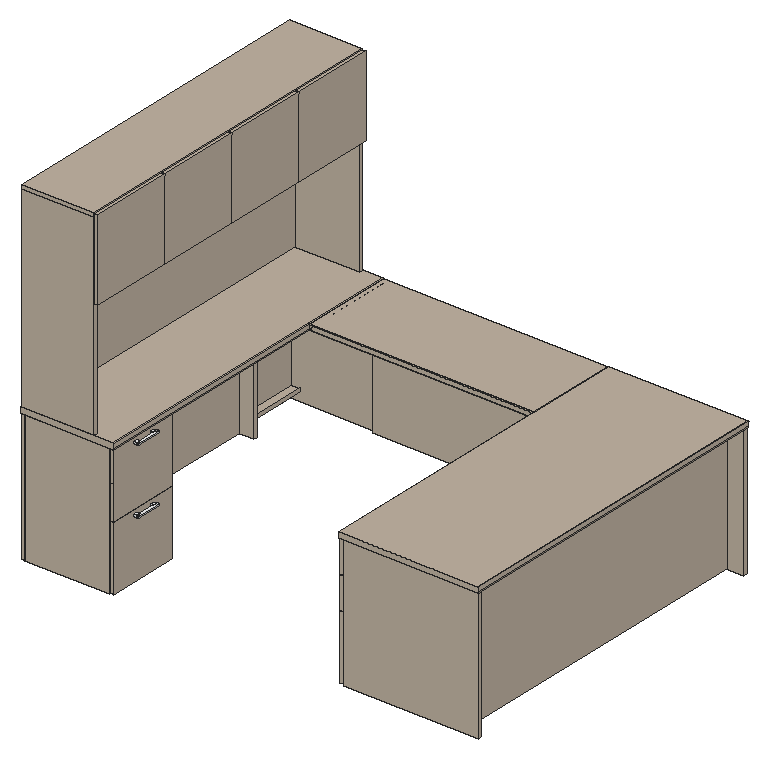
Revit family "JSI-Vision-Typical_Laminate-VST014", category Furniture, Revit 2020
Family settings
  OmniClass Number = 23.40.20.00
  OmniClass Title = General Furniture and Specialties
  Work Plane-Based = No
  Always vertical = Yes
  Cut with Voids When Loaded = No
  Shared = No
  Room Calculation Point = No
Parameters (values of type "VST014")
  URL = "www.jsifurniture.com"
  Type Comments = "Typical Laminate"  # constant formula
  Model = "VST014"
  Manufacturer = "JSI"  # constant formula
  Keynote = "12500"
  Default Elevation = 0.000"
  Assembly Code = "E2020200"
Reference planes (in)
  plane 1 "Center Front/Back": y = 0
  plane 2: z = 0
  plane 3 "Center Left/Right": x = 0
Dimensions and locks (in)
  aligned and locked: level to plane 2
Nested families (in)
  nested 1: "JSI-Vision-File_File_Credenza" at (10.75, -35.93587, 0) x (0, 1, 0) z (0, 0, 1), type "VST2072LC - Laminate 20 x 72 FF Ped Credenza Left"
    with Width 72.000", Height 29.187", Panel B 56.250"
  nested 2: "JSI-Vision-Overhead_Cabinets" at (0, -72, -0.8125) x (0, 1, 0) z (0, 0, 1), type "VST1672SO, Laminate OH Cab. 16" x 72", 4 Doors"
    with Verticall Partition Distance 35.750", Unit Centre 36.000", Width 72.000", Door Width Actual 17.78125", Door Array Spacing 17.90625", Door Width 17.78125", # of Doors 4
  nested 3: "JSI-Vision-Bridge_Modesty_Panel" at (20, 0, 0), type "VST2048EB, Bridge w/Modesty Panel 20"d x 48"w"
  nested 4: "JSI-Vision-Single_Pedestal_Desk-Recessed_Modesty" at (87.25, -36.06413, 0) x (0, -1, 0) z (0, 0, 1), type "VST3072RDF, Laminate 30 x 72 Right Ped Desk, Recess Modesty"
    with Width 72.000", Panel BBF 56.250", LR no, Grommet angle 270.00°, Grommet 56.61719", BBF 56.250"
Definition of nested family "JSI-Vision-File_File_Credenza"
  Parameters (values of type "Type Catalog")
    Worksurface = none
    Width = 60.000"
    URL = "www.jsifurniture.com"
    Type Comments = ""
    Tag = "FF"  # constant formula
    Series = "Vision Casegoods"  # constant formula
    Pull Finish = none
    Panel R = if(LR, Depth - 0.250", Depth - 0.9375")  # 19.750"
    Panel L = if(LR, Depth - 0.9375", Depth - 0.250")  # 19.0625"
    Panel FF = if(LR, 15.000", Width - 15.750")  # 15.000"
    Model = "Type Catalog"
    Material = ""
    Manufacturer = "JSI"  # constant formula
    LR = yes
    Keynote = "12500"
    JSI Enviromental Website = "http://www.jsifurniture.com/jsi_sustainability_intro.php"
    Height = 29.1875"
    Grommet angle = if(LR, 90.00°, 270.00°)  # 90.00°
    Grommet Finish = none
    Panel B = if(LR, Width - 15.750", 15.000")  # 44.250"
    Grommet = if(LR, 14.500", Width - 15.38281")  # 14.500"
    Drawer Front = none
    Description = "Type Catalog"
    Depth chassis = Depth  # 20.000"
    Depth = 20.000"
    Default Elevation = 0.000"
    Chassis = none
    FF = if(LR, 0.1875", Width - 15.750" + 0.0625")  # 0.1875"
    Assembly Code = "E2020200"
  Reference planes (in)
    plane 1: z = 0
    plane 2 "Center (Left/Right)": x = -36.06413
    plane 3: z = 29.1875
    plane 4: z = 28
    plane 5: y = -9.25
    plane 6 "Center (Front/Back)": y = 10.75
    plane 7: y = 10.625
    plane 8: y = 10.75
    plane 9: x = -6.06413
    plane 10: x = 23.93587
    plane 11: y = 10.56003
    plane 12: x = -20.31413
    plane 13: x = 8.18587
    plane 14: y = -8.37
    plane 15: x = 15.93587
    plane 16: x = -28.12663
    plane 17: x = 23.81086
    plane 18: x = -35.93913
    plane 19: y = 8.875
    plane 20: y = 4.875
    plane 21: y = 9.8125
    plane 22: y = -8.31113
    plane 23: x = 8.18587
    plane 24: x = -35.87663
    plane 25: x = -20.37636
    plane 26: x = 23.68487
    plane 27: x = -21.56413
    plane 28: y = 6.875
    plane 29: y = -9
    plane 30: y = -8.3125
  Forms (in)
    Extrusion 1, solid, material <- "Worksurface"
      sketch origin (0, 0, -0.8125) x (1, 0, 0) y (0, 1, 0)
        loop
          line (-36.06413, -9.125) -> (23.93587, -9.125) -> (23.93587, 10.625) -> (-36.06413, 10.625) -> (-36.06413, -9.125)
      from 28.8125 to 30
    Extrusion 2, solid, material <- "Drawer Front"
      sketch origin (-0.00163, 0.13, 0) x (1, 0, 0) y (0, 0, 1)
        loop
          line (-35.875, 27.875) -> (-35.875, 21.26593) -> (-35.875, 14.062) -> (-20.37473, 14.062) -> (-20.37473, 21.26593) -> (-20.37473, 27.875) -> (-35.875, 27.875)
        loop
          line (-35.875, 13.937) -> (-35.875, 0.14) -> (-20.37473, 0.14) -> (-20.37473, 13.937) -> (-35.875, 13.937)
      from 8.5 to 9.25
    Extrusion 3, solid, material <- "Chassis"
      sketch origin (-0.06413, 0, 0) x (0, 1, 0) y (0, 0, 1)
        loop
          line (-8.3125, 28) -> (-8.3125, 0) -> (9.81003, 0) -> (9.81003, 28) -> (-8.3125, 28)
      from -35.875 to -35.125
    Extrusion 4, solid, material <- "Chassis"
      sketch origin (-0.06413, 0.034, 0) x (1, 0, 0) y (0, 0, 1)
        loop
          line (-35.125, 1.9375) -> (-35.125, 0) -> (-21, 0) -> (-21, 1.9375) -> (-35.125, 1.9375)
      from 7.59513 to 8.34513
    Extrusion 5, solid, material <- "Chassis"
      sketch origin (-0.06029, 0, 0) x (0, 1, 0) y (0, 0, -1)
        loop
          line (-9, -28) -> (9.8125, -28) -> (9.8125, 0) -> (-9, 0) -> (-9, -28)
      from -23.87116 to -23.12116
    Sweep 6, solid, material <- "Worksurface"
      path in 3D
        loop
          line (-36.06413, -9.125, 29.1875) -> (23.93587, -9.125, 29.1875)
      profile origin (-6.06413, -9.125, 29.1875) x (0, 1, 0) y (0, 0, 1)
        loop
          arc (0, 0) -> (-0.08839, -0.03661) -> (-0.125, -0.125) r 0.125
          line (-0.125, -0.125) -> (-0.125, -1.0625)
          arc (-0.125, -1.0625) -> (-0.08839, -1.15089) -> (0, -1.1875) r 0.125
          line (0, -1.1875) -> (0, 0)
    Extrusion 7, solid, material <- "Chassis"
      sketch origin (-0.06413, 28.15516, 0) x (1, 0, 0) y (0, 0, 1)
        loop
          line (-35.875, 28) -> (-35.875, 0) -> (-20.25, 0) -> (-20.25, 28) -> (-35.875, 28)
      from 17.59513 to 18.34266
    Extrusion 8, solid, material <- "Chassis"
      sketch origin (57.45899, 0, 0) x (0, 1, 0) y (0, 0, -1)
        loop
          line (-8.31113, -28) -> (9.8125, -28) -> (9.8125, 0) -> (-8.31113, 0) -> (-8.31113, -28)
      from 77.77312 to 78.52312
    Extrusion 9, solid, material <- "Chassis"
      sketch origin (-0.06413, 28.15516, 0) x (-1, 0, 0) y (0, 0, -1)
        loop
          line (-23.875, -28) -> (-8.25, -28) -> (-8.25, 0) -> (-23.875, 0) -> (-23.875, -28)
      from 17.59513 to 18.34266
    Sweep 10, solid, material <- "Worksurface"
      path in 3D
        loop
          line (23.93587, 10.625, 29.1875) -> (-36.06413, 10.625, 29.1875)
      profile origin (-6.06413, 10.625, 29.1875) x (0, -1, 0) y (0, 0, 1)
        loop
          arc (0, 0) -> (-0.08839, -0.03661) -> (-0.125, -0.125) r 0.125
          line (-0.125, -0.125) -> (-0.125, -1.0625)
          arc (-0.125, -1.0625) -> (-0.08839, -1.15089) -> (0, -1.1875) r 0.125
          line (0, -1.1875) -> (0, 0)
    Extrusion 11, solid, material <- "Chassis"
      sketch origin (0, 0, 0) x (1, 0, 0) y (0, 0, 1)
        loop
          line (8.93587, 2.5) -> (8.93587, 1.75) -> (23.06086, 1.75) -> (23.06086, 2.5) -> (8.93587, 2.5)
      from -9.8125 to -7.9375
    Extrusion 12, solid, material <- "Chassis"
      sketch origin (0, 0, 0) x (0, 1, 0) y (0, 0, 1)
        loop
          line (9.8125, 28) -> (5.875, 28) -> (5.875, 0) -> (9.8125, 0) -> (9.8125, 28)
      from 8.18587 to 8.93587
    Extrusion 13, solid, material <- "Chassis"
      sketch origin (-12.12827, 0, 0) x (-1, 0, 0) y (0, 0, -1)
        loop
          line (8.93587, -2.5) -> (23.06086, -2.5) -> (23.06086, -1.75) -> (8.93587, -1.75) -> (8.93587, -2.5)
      from -9.8125 to -7.9375
    Extrusion 14, solid, material <- "Chassis"
      sketch origin (0, 0.03248, 0) x (1, 0, 0) y (0, 0, 1)
        loop
          line (-6.49921, 28) -> (-20.31413, 28) -> (-20.31413, 0) -> (8.18587, 0) -> (8.18587, 28) -> (-6.49921, 28)
      from -9.78002 to -9.03002
  Cuts and joins
    joined: Extrusion 1, Sweep 6, Sweep 10
  Lines and regions (in)
    sketch lines
      curve 1: line (-36.06413, -9.125, 29.1875) -> (23.93587, -9.125, 29.1875)
      curve 10: line (23.93587, 10.625, 29.1875) -> (-36.06413, 10.625, 29.1875)
    symbolic lines
      curve 2: line (23.93587, -9.25, 0) -> (-36.06413, -9.25, 0)
      curve 3: line (23.93587, -9.25, 0) -> (23.93587, 10.75, 0)
      curve 4: line (-36.06413, 10.75, 0) -> (-36.06413, -9.25, 0)
      curve 5: line (-20.31413, 10.56003, 0) -> (-35.93913, 10.56003, 0)
      curve 6: line (-20.37636, -8.37, 0) -> (-35.87663, -8.37, 0)
      curve 7: line (-20.37636, -9.12, 0) -> (-20.37636, -8.37, 0)
      curve 8: line (-35.87663, -9.12, 0) -> (-20.37636, -9.12, 0)
      curve 9: line (-35.87663, -8.37, 0) -> (-35.87663, -9.12, 0)
      curve 11: line (-36.06413, 10.75, 0) -> (23.93587, 10.75, 0)
      curve 12: line (-20.31413, -8.31113, 0) -> (-20.31413, 9.8125, 0)
      curve 13: line (-21.06413, -8.31113, 0) -> (-20.31413, -8.31113, 0)
      curve 14: line (23.81086, 10.56003, 0) -> (8.18587, 10.56003, 0)
      curve 15: line (8.18587, 10.56003, 0) -> (8.18587, 9.8125, 0)
      curve 16: line (8.18587, 9.8125, 0) -> (8.18587, 5.875, 0)
      curve 17: line (8.18587, 5.875, 0) -> (8.93587, 5.875, 0)
      curve 18: line (8.93587, 5.875, 0) -> (8.93587, 9.8125, 0)
      curve 19: line (-35.93913, -8.3125, 0) -> (-35.18913, -8.3125, 0)
      curve 20: line (-35.18913, -8.3125, 0) -> (-35.18913, 9.8125, 0)
      curve 21: line (-35.93913, 10.56003, 0) -> (-35.93913, -8.3125, 0)
      curve 22: line (23.06086, 9.8125, 0) -> (23.06086, -9, 0)
      curve 23: line (23.81086, -9, 0) -> (23.81086, 10.56003, 0)
      curve 24: line (23.06086, -9, 0) -> (23.81086, -9, 0)
      curve 25: line (-20.31413, 9.8125, 0) -> (-20.31413, 10.56003, 0)
      curve 26: line (-21.06413, 9.8125, 0) -> (-21.06413, -8.31113, 0)
      curve 27: line (23.81086, 9.8125, 0) -> (-35.93913, 9.8125, 0)
    model lines
      curve 28: line (0, -57.14172, 13.38679) -> (0, -57.14172, 12.98379)
      curve 29: line (0, -57.14172, 27.32296) -> (0, -57.14172, 26.91996)
  Dimensions and locks (in)
    "Height": plane 3 to level
    locked: plane 3 to plane 4 at 1.1875
    "Depth": plane 6 "Center (Front/Back)" to plane 5
    locked: plane 7 to plane 6 "Center (Front/Back)" at 0.125
    equal spacing: plane 2 "Center (Left/Right)", plane 9, plane 10
    "Width": plane 2 "Center (Left/Right)" to plane 10
    locked: plane 8 to plane 11 at 0.18997
    "Depth chassis": plane 8 to plane 5
    locked: plane 2 "Center (Left/Right)" to plane 12 at 15.75
    locked: plane 13 to plane 10 at 15.75
    locked: Extrusion 4 to plane 14 at 0.80887
    locked: plane 14 to plane 5 at 0.88
    locked: plane 17 to plane 10 at 0.125
    locked: Extrusion 5 to Extrusion 5 at 0.75
    locked: Extrusion 3 to Extrusion 3 at 0.75
    locked: plane 19 to plane 20 at 4
    plane 22 to plane 5 = 0.93887"
    locked: plane 8 to plane 21 at 0.9375
    "Panel B": plane 2 "Center (Left/Right)" to plane 23
    locked: plane 23 to plane 15 at 7.75
    "FF": plane 2 "Center (Left/Right)" to plane 24
    locked: Extrusion 4 to Extrusion 4 at 0.75
    locked: plane 24 to plane 16 at 7.75
    locked: Extrusion 2 to Extrusion 2 at 0.75
    plane 8 to plane 20 = 5.875"
    Extrusion 7 to Extrusion 7 = 0.74753"
    Extrusion 8 to Extrusion 8 = 0.750"
    Extrusion 9 to Extrusion 9 = 0.74753"
    locked: plane 24 to plane 25 at 15.50027
    locked: plane 23 to plane 26 at 15.499
    plane 24 to Extrusion 4 to Extrusion 4 = 0.6875" locked, 14.125" locked
    "Panel FF": plane 2 "Center (Left/Right)" to Extrusion 8
    locked: Extrusion 8 to Extrusion 8 at 0.75
    "Grommet": plane 2 "Center (Left/Right)" to plane 27
    equal spacing: plane 19, plane 28, plane 20
    "Panel B": plane 2 "Center (Left/Right)" to Extrusion 12
    locked: Extrusion 12 to Extrusion 12 at 3.9375
    locked: Extrusion 12 to Extrusion 12 at 0.75
    locked: Extrusion 11 to Extrusion 11 at 14.125
    locked: Extrusion 13 to Extrusion 13 at 14.125  (x2)
    locked: Extrusion 14 to Extrusion 14 at 0.75
    "Panel R": plane 29 to plane 6 "Center (Front/Back)"
    "Panel L": plane 8 to plane 30
    Extrusion 2 sketch curve to Extrusion 2 sketch curve to Extrusion 2 sketch curve to plane 1 = 0.125", 13.797", 0.140" locked
    locked: plane 4 to Extrusion 2 sketch curve at 0.125
    locked: nested 1 to plane 1 at 13.18529
    locked: plane 4 to nested 2 at 0.875
    locked: plane 3 to plane 1 at 29.1875
    aligned and locked: level to plane 1
    aligned and locked: Extrusion 3 to Extrusion 4
    aligned and locked: plane 17 to Extrusion 5
    aligned and locked: Extrusion 3 to plane 18
    aligned and locked: Extrusion 4 to plane 22
    aligned and locked: Extrusion 4 to level
    aligned and locked: nested 2 to plane 16
    aligned and locked: nested 1 to plane 16
    aligned and locked: Extrusion 7 to plane 12
    aligned and locked: plane 4 to Extrusion 7
    aligned and locked: Extrusion 7 to plane 18
    aligned and locked: plane 18 to Extrusion 3
    aligned and locked: plane 11 to Extrusion 7
    aligned and locked: plane 22 to Extrusion 4
    aligned and locked: Extrusion 8 to plane 22
    aligned and locked: Extrusion 9 to plane 13
    aligned and locked: plane 17 to Extrusion 9
    aligned and locked: Extrusion 5 to plane 17
    aligned and locked: curve 5 to Extrusion 7
    aligned and locked: Extrusion 1 to plane 7
    aligned and locked: plane 11 to Extrusion 9
    aligned and locked: curve 3 to cut or joined group of Extrusion 1, Sweep 6, Sweep 10
    aligned and locked: curve 12 to Extrusion 8
    aligned and locked: curve 13 to Extrusion 8
    aligned and locked: plane 21 to Extrusion 9
    aligned and locked: plane 21 to Extrusion 12
    aligned and locked: plane 21 to Extrusion 11
    aligned and locked: Extrusion 11 to Extrusion 5
    aligned and locked: Extrusion 13 to Extrusion 3
    aligned and locked: curve 14 to Extrusion 9
    aligned and locked: curve 15 to Extrusion 9
    aligned and locked: Extrusion 12 to curve 16
    aligned and locked: curve 17 to Extrusion 12
    aligned and locked: curve 18 to Extrusion 12
    aligned and locked: Extrusion 3 to plane 30
    aligned and locked: curve 19 to Extrusion 3
    aligned and locked: curve 20 to Extrusion 3
    aligned and locked: curve 21 to Extrusion 3
    aligned and locked: Extrusion 5 to plane 29
    aligned and locked: curve 22 to Extrusion 5
    aligned and locked: curve 23 to Extrusion 5
    aligned and locked: curve 24 to Extrusion 5
    aligned and locked: curve 25 to Extrusion 7
    aligned and locked: plane 21 to Extrusion 8
    aligned and locked: plane 21 to Extrusion 5
    aligned and locked: Extrusion 7 to plane 21
    aligned and locked: curve 26 to Extrusion 8
    aligned and locked: nested 3 to plane 16
    aligned and locked: nested 3 to plane 5
    aligned and locked: curve 27 to Extrusion 14
  Automatic sketch dimensions
    Extrusion 1 sketch curve to plane 2 "Center (Left/Right)" = 0.000"
    Extrusion 1 sketch curve to plane 10 = 0.000"
    plane 7 to Extrusion 1 sketch curve = 0.000"
    plane 5 to Extrusion 1 sketch curve = 0.125"
    Extrusion 2 sketch curve to plane 24 = 0.000"  (x2)
    Extrusion 2 sketch curve to plane 25 = 0.000"  (x2)
    Extrusion 2 sketch curve to plane 4 = 6.73407"  (x2)
    Extrusion 3 sketch curve to plane 4 = 0.000"
    Extrusion 3 sketch curve to plane 22 = 0.00137"
    Extrusion 3 sketch curve to level = 0.000"
    Extrusion 3 sketch curve to plane 21 = 0.00247"
    Extrusion 4 sketch curve to level = 0.000"
    plane 27 to Extrusion 4 sketch curve = 13.625"
    Extrusion 4 sketch curve to plane 25 = 0.68777"
    level to Extrusion 4 sketch curve = 1.9375"
    Extrusion 5 sketch curve to plane 4 = 0.000"
    Extrusion 5 sketch curve to plane 22 = 0.68887"
    Extrusion 5 sketch curve to level = 0.000"
    Extrusion 5 sketch curve to plane 21 = 0.000"
    Sweep 6 sketch curve to profile plane = 0.000"  (x2)
    profile plane to Sweep 6 sketch curve = 0.125"
    Sweep 6 sketch curve to Sweep 6 sketch curve = 0.9375"
    Extrusion 7 sketch curve to level = 0.000"
    plane 18 to Extrusion 7 sketch curve = 0.000"
    plane 12 to Extrusion 7 sketch curve = 0.000"
    Extrusion 7 sketch curve to plane 4 = 0.000"
    Extrusion 8 sketch curve to plane 22 = 0.000"
    Extrusion 8 sketch curve to level = 0.000"
    Extrusion 8 sketch curve to plane 21 = 0.000"
    Extrusion 9 sketch curve to level = 0.000"
    Extrusion 9 sketch curve to plane 17 = 0.000"
    Extrusion 9 sketch curve to plane 13 = 0.000"
    Extrusion 9 sketch curve to plane 4 = 0.000"
    Sweep 10 sketch curve to profile plane = 0.000"  (x2)
    profile plane to Sweep 10 sketch curve = 0.125"
    Sweep 10 sketch curve to Sweep 10 sketch curve = 0.9375"
    Extrusion 11 sketch curve to plane 27 = 30.500"
    plane 25 to Extrusion 11 sketch curve = 43.43723"
    level to Extrusion 11 sketch curve = 1.750"
    Extrusion 11 sketch curve to Extrusion 11 sketch curve = 0.750"
    Extrusion 12 sketch curve to level = 0.000"
    Extrusion 12 sketch curve to plane 21 = 0.000"
    Extrusion 12 sketch curve to plane 28 = 1.000"
    plane 4 to Extrusion 12 sketch curve = 0.000"
    Extrusion 13 sketch curve to plane 23 = 29.250"
    Extrusion 13 sketch curve to plane 18 = 0.750"
    level to Extrusion 13 sketch curve = 2.500"
    Extrusion 13 sketch curve to Extrusion 13 sketch curve = 0.750"
    Extrusion 14 sketch curve to level = 0.000"
    Extrusion 14 sketch curve to plane 4 = 0.000"
    Extrusion 14 sketch curve to plane 13 = 0.000"
    plane 9 to Extrusion 14 sketch curve = 0.43507"
    plane 12 to Extrusion 14 sketch curve = 0.000"
    curve 2 to plane 2 "Center (Left/Right)" = 0.000"
    curve 27 to plane 18 = 0.000"
    curve 9 to plane 14 = 0.000"
    curve 9 to plane 24 = 0.000"
    curve 20 to plane 30 = 0.000"
    curve 26 to plane 22 = 0.000"
    curve 7 to plane 25 = 0.000"
    curve 5 to plane 11 = 0.000"
    curve 5 to plane 12 = 0.000"
    curve 16 to plane 23 = 0.000"
    curve 15 to plane 11 = 0.000"
    curve 15 to plane 13 = 0.000"
    curve 24 to plane 29 = 0.000"
    curve 24 to plane 17 = 0.000"
    curve 2 to plane 5 = 0.000"
    plane 6 "Center (Front/Back)" to curve 11 = 0.000"
    plane 24 to curve 20 = 0.6875"
    curve 26 to plane 27 = 0.500"
    plane 12 to curve 13 = 0.000"
    plane 13 to curve 17 = 0.750"
    curve 24 to plane 26 = 0.624"
    curve 8 to plane 29 = 0.120"
    curve 17 to plane 28 = 1.000"
    curve 25 to plane 21 = 0.000"
    Extrusion 8 sketch curve to plane 4 = 0.000"
    level to curve 28 = 13.38679"
    curve 28 to plane 5 = 47.89172"
    curve 29 to plane 4 = 1.08004"
    curve 29 to curve 28 = 0.000"
    curve 28 to curve 28 = 0.403"
    curve 29 to curve 29 = 0.403"
  Nested families (in)
    nested 1: "Bar Pull" at (-28.12663, -9.12, 13.18529), Pull Finish <- "Pull Finish", type "PL"
      with Pull Finish none
    nested 2: "Bar Pull" at (-28.12663, -9.12, 27.125), Pull Finish <- "Pull Finish", type "PL"
      with Pull Finish none
    nested 3: "Label 1-16-FF" at (-28.12663, -9.25, 0), type "DRWCFG"
  Definition of nested family "Bar Pull"
    Parameters
      Pull Finish [instance] = none
      Default Elevation = 0.000"
    Reference planes (in)
      plane 1 "Center Front/Back": y = 0
      plane 2: z = 0
      plane 3 "Center Left/Right": x = 0
      plane 4: x = -2.68731
      plane 5: x = -1.88731
      plane 6: x = 2.68731
      plane 7: x = 1.88731
      plane 8: y = -1
      plane 9: y = -0.85202
    Forms (in)
      Extrusion 1, solid, material <- "Pull Finish"
        sketch origin (0, 0, 0) x (0, 1, 0) y (0, 0, 1)
          loop
            line (0, -0.2015) -> (0, 0.2015) -> (-0.85202, 0.2015)
            arc (-0.85202, 0.2015) -> (-0.75, 0) -> (-0.85202, -0.2015) r 0.25
            line (-0.85202, -0.2015) -> (0, -0.2015)
        from 1.88731 to 2.68731
      Extrusion 2, solid, material <- "Pull Finish"
        sketch origin (0, 0, 0) x (0, 1, 0) y (0, 0, 1)
          loop
            circle (-1, 0) r 0.25
        from -2.68731 to 2.68731
      Extrusion 3, solid, material <- "Pull Finish"
        sketch origin (0, 0, 0) x (0, 1, 0) y (0, 0, -1)
          loop
            line (0, 0.2015) -> (-0.85202, 0.2015)
            arc (-0.85202, 0.2015) -> (-0.75, 0) -> (-0.85202, -0.2015) r 0.25
            line (-0.85202, -0.2015) -> (0, -0.2015) -> (0, 0.2015)
        from 1.88731 to 2.68731
    Dimensions and locks (in)
      plane 4 to plane 5 to plane 3 "Center Left/Right" to plane 7 to plane 6 = 0.800" locked, 1.88731" locked, 1.88731" locked, 0.800" locked
      plane 8 to plane 9 to plane 1 "Center Front/Back" = 0.14798" locked, 0.85202" locked
      aligned and locked: level to plane 2
      aligned and locked: plane 4 to Extrusion 3
      aligned and locked: Extrusion 3 to plane 5
      aligned and locked: plane 4 to Extrusion 2
      aligned and locked: Extrusion 1 to plane 7
      aligned and locked: plane 6 to Extrusion 1
      aligned and locked: plane 6 to Extrusion 2
      aligned and locked: plane 8 to Extrusion 2 sketch curve
      aligned and locked: Extrusion 3 to plane 1 "Center Front/Back"
      aligned and locked: Extrusion 1 to plane 1 "Center Front/Back"
      aligned and locked: plane 5 to Extrusion 3
      aligned and locked: Extrusion 3 to plane 4
      aligned and locked: Extrusion 2 to plane 4
      aligned and locked: plane 7 to Extrusion 1
      aligned and locked: Extrusion 1 to plane 6
      aligned and locked: Extrusion 2 to plane 6
  Definition of nested family "Label 1-16-FF"
    Parameters
      Width = 1.000"
      Model Name = "FF"
    Reference planes (in)
      plane 1: y = 0
      plane 2: x = 0
    Text (in)
      label "XX" at (0.00051, -0.12324, 0), shows "Model Name"
Definition of nested family "JSI-Vision-Overhead_Cabinets"
  Parameters (values of type "Overhead Cab. Doors - Type Catalog Family")
    Verticall Partition Distance = (Door Width * 2) + 0.1875"  # 29.8125"
    Unit Centre = Width / 2  # 45.000"
    Top = none
    Width = 90.000"
    URL = "www.jsifurniture.com"
    Type Comments = ""
    Tag = "6 Doors"
    Series = "Vision Casegoods"  # constant formula
    Right Vertical Partition = yes
    Overhead Height = 26.500"
    OH Elevation = 30.000"
    Model = "Type Catalog"
    Material = ""
    Manufacturer = "JSI"  # constant formula
    Left Vertical Partition = yes
    Keynote = "12500"  # constant formula
    JSI Enviromental Website = "http://www.jsifurniture.com/jsi_sustainability_intro.php"
    Height = 42.000"
    Grommet Finish = none
    Gromett Height = OH Elevation + 24.625"  # 54.625"
    Door Width Actual = if(# of Doors > 4, ((Width - 1.125") / # of Doors), if(# of Doors > 3, (((Width - 1.125") / # of Doors) + 0.0625"), if(# of Doors > 2, (((Width - 1.125") / # of Doors) + 0.125"), (((Width - 1.125") / # of Doors) + 0.250"))))  # 14.8125"
    Door Array Spacing = Door Width + 0.125"  # 14.9375"
    Door Width = Door Width Actual  # 14.8125"
    Door Front = none
    Description = "Type Catalog"
    Depth = 16.000"
    Default Elevation = 0.000"
    Chassis = none
    Assembly Code = "E2020200"
    # of Doors = if(Width > 89.000", 6, (if(Width > 53.000", 4, (if(Width > 41.000", 3, (if(Width > 30.000", 2, 2)))))))  # 6
  Reference planes (in)
    plane 1 "Center Front/Back": y = 0
    plane 2: z = 0
    plane 3 "Center Left/Right": x = 0
    plane 4 "a": z = 0
    plane 5: y = -0.125
    plane 6: x = 90
    plane 7: x = 0.125
    plane 8: x = 89.875
    plane 9: y = -15.5625
    plane 10: y = -16
    plane 11: z = 72.5
    plane 12: z = 72
    plane 13: x = 0.875
    plane 14: x = 89.125
    plane 15: y = -0.875
    plane 16: y = -0.9375
    plane 17: y = -1.6875
    plane 18: z = 71.75
    plane 19: z = 56.5
    plane 20: z = 57.25
    plane 21: z = 55
    plane 22: y = -14.8125
    plane 23: y = -14.0625
    plane 24: x = 0.25
    plane 25: x = 89.75
    plane 26: z = 72.4375
    plane 27: z = 55.1875
    plane 28: y = -15.6875
    plane 29: y = -16.4375
    plane 30: x = 45
    plane 31: x = 30.0625
    plane 32: x = 59.9375
    plane 33: x = 29.6875
    plane 34: x = 30.4375
    plane 35: x = 59.5625
    plane 36: x = 60.3125
    plane 37 "Not a Reference": x = 6.875
    plane 38: x = 83.125
    plane 39: z = 30
  Forms (in)
    Extrusion 1, solid, material <- "Chassis"
      sketch origin (0, 0, 0) x (1, 0, 0) y (0, 1, 0)
        loop
          line (0.125, -0.125) -> (0.125, -15.5625) -> (0.875, -15.5625) -> (0.875, -0.125) -> (0.125, -0.125)
      from 30 to 71.75
    Extrusion 2, solid, material <- "Chassis"
      sketch origin (0, 0, 0) x (1, 0, 0) y (0, 1, 0)
        loop
          line (89.875, -0.125) -> (89.125, -0.125) -> (89.125, -15.5625) -> (89.875, -15.5625) -> (89.875, -0.125)
      from 30 to 71.75
    Extrusion 3, solid, material <- "Door Front"
      sketch origin (0, 0, 0) x (1, 0, 0) y (0, 0, 1)
        loop
          line (0.125, 72.5) -> (0.125, 71.75) -> (89.875, 71.75) -> (89.875, 72.5) -> (0.125, 72.5)
      from 0.125 to 15.5625
    Extrusion 4, solid, material <- "Chassis"
      sketch origin (0, 0, 0) x (1, 0, 0) y (0, 0, 1)
        loop
          line (0.875, 57.25) -> (0.875, 56.5) -> (89.125, 56.5) -> (89.125, 57.25) -> (0.875, 57.25)
      from 1.6875 to 15.5625
    Extrusion 5, solid, material <- "Chassis"
      sketch origin (0, 0, 0) x (1, 0, 0) y (0, 1, 0)
        loop
          line (0.875, -14.0625) -> (0.875, -14.8125) -> (89.125, -14.8125) -> (89.125, -14.0625) -> (0.875, -14.0625)
      from 55 to 56.5
    Extrusion 6, solid, material <- "Door Front"
      sketch origin (-3, 0, 18) x (1, 0, 0) y (0, 1, 0)
        loop
          line (3.25, -15.6875) -> (3.25, -16.4375) -> (18.0625, -16.4375) -> (18.0625, -15.6875) -> (3.25, -15.6875)
      from 37.1875 to 54.4375
    Extrusion 7, solid, material <- "Door Front"
      sketch origin (11.9375, 0, 18) x (1, 0, 0) y (0, 1, 0)
        loop
          line (3.25, -15.6875) -> (3.25, -16.4375) -> (18.0625, -16.4375) -> (18.0625, -15.6875) -> (3.25, -15.6875)
      from 37.1875 to 54.4375
    Extrusion 8, solid, material <- "Chassis", visible <- "Left Vertical Partition"
      sketch origin (0, 0, 0) x (1, 0, 0) y (0, 1, 0)
        loop
          line (29.6875, -1.6875) -> (29.6875, -15.5625) -> (30.4375, -15.5625) -> (30.4375, -1.6875) -> (29.6875, -1.6875)
      from 57.25 to 71.75
    Extrusion 9, solid, material <- "Chassis", visible <- "Right Vertical Partition"
      sketch origin (0, 0, 0) x (1, 0, 0) y (0, 1, 0)
        loop
          line (59.5625, -1.6875) -> (59.5625, -15.5625) -> (60.3125, -15.5625) -> (60.3125, -1.6875) -> (59.5625, -1.6875)
      from 57.25 to 71.75
    Extrusion 10, solid, material <- "Chassis"
      sketch origin (130.61992, -0.9375, 48) x (1, 0, 0) y (0, 0, 1)
        loop
          line (-129.74492, 23.75) -> (-129.74492, -18) -> (-41.49492, -18) -> (-41.49492, 23.75) -> (-129.74492, 23.75)
        loop
          circle (-120.11946, 7.90657) r 0.33443
        loop
          circle (-51.12039, 7.90657) r 0.33443
      from 0 to 0.75
    Extrusion 11, solid, material <- "Door Front"
      sketch origin (26.875, 0, 18) x (1, 0, 0) y (0, 1, 0)
        loop
          line (3.25, -15.6875) -> (3.25, -16.4375) -> (18.0625, -16.4375) -> (18.0625, -15.6875) -> (3.25, -15.6875)
      from 37.1875 to 54.4375
    Extrusion 12, solid, material <- "Door Front"
      sketch origin (41.8125, 0, 18) x (1, 0, 0) y (0, 1, 0)
        loop
          line (3.25, -15.6875) -> (3.25, -16.4375) -> (18.0625, -16.4375) -> (18.0625, -15.6875) -> (3.25, -15.6875)
      from 37.1875 to 54.4375
    Extrusion 13, solid, material <- "Door Front"
      sketch origin (56.75, 0, 18) x (1, 0, 0) y (0, 1, 0)
        loop
          line (3.25, -15.6875) -> (3.25, -16.4375) -> (18.0625, -16.4375) -> (18.0625, -15.6875) -> (3.25, -15.6875)
      from 37.1875 to 54.4375
    Extrusion 14, solid, material <- "Door Front"
      sketch origin (71.6875, 0, 18) x (1, 0, 0) y (0, 1, 0)
        loop
          line (3.25, -15.6875) -> (3.25, -16.4375) -> (18.0625, -16.4375) -> (18.0625, -15.6875) -> (3.25, -15.6875)
      from 37.1875 to 54.4375
  Lines and regions (in)
    symbolic lines
      curve 1: line (0.125, -0.125, 0) -> (0.125, -15.5625, 0)
      curve 2: line (89.875, -0.125, 0) -> (0.125, -0.125, 0)
      curve 3: line (0.125, -15.5625, 0) -> (89.875, -15.5625, 0)
      curve 4: line (89.875, -15.5625, 0) -> (89.875, -0.125, 0)
      curve 5: line (0.25, -15.6875, 0) -> (15.0625, -15.6875, 0)
      curve 6: line (0.25, -16.4375, 0) -> (0.25, -15.6875, 0)
      curve 7: line (15.0625, -16.4375, 0) -> (0.25, -16.4375, 0)
      curve 8: line (15.0625, -15.6875, 0) -> (15.0625, -16.4375, 0)
      curve 9: line (15.1875, -15.6875, 0) -> (30, -15.6875, 0)
      curve 10: line (15.1875, -16.4375, 0) -> (15.1875, -15.6875, 0)
      curve 11: line (30, -16.4375, 0) -> (15.1875, -16.4375, 0)
      curve 12: line (30, -15.6875, 0) -> (30, -16.4375, 0)
      curve 13: line (30.125, -15.6875, 0) -> (44.9375, -15.6875, 0)
      curve 14: line (30.125, -16.4375, 0) -> (30.125, -15.6875, 0)
      curve 15: line (44.9375, -16.4375, 0) -> (30.125, -16.4375, 0)
      curve 16: line (44.9375, -15.6875, 0) -> (44.9375, -16.4375, 0)
      curve 17: line (45.0625, -15.6875, 0) -> (59.875, -15.6875, 0)
      curve 18: line (45.0625, -16.4375, 0) -> (45.0625, -15.6875, 0)
      curve 19: line (59.875, -16.4375, 0) -> (45.0625, -16.4375, 0)
      curve 20: line (59.875, -15.6875, 0) -> (59.875, -16.4375, 0)
      curve 21: line (60, -15.6875, 0) -> (74.8125, -15.6875, 0)
      curve 22: line (60, -16.4375, 0) -> (60, -15.6875, 0)
      curve 23: line (74.8125, -16.4375, 0) -> (60, -16.4375, 0)
      curve 24: line (74.8125, -15.6875, 0) -> (74.8125, -16.4375, 0)
      curve 25: line (74.9375, -15.6875, 0) -> (89.75, -15.6875, 0)
      curve 26: line (74.9375, -16.4375, 0) -> (74.9375, -15.6875, 0)
      curve 27: line (89.75, -16.4375, 0) -> (74.9375, -16.4375, 0)
      curve 28: line (89.75, -15.6875, 0) -> (89.75, -16.4375, 0)
  Dimensions and locks (in)
    plane 3 "Center Left/Right" to plane 7 to plane 24 = 0.125" locked, 0.125" locked
    plane 25 to plane 8 to plane 6 = 0.125" locked, 0.125" locked
    locked: plane 5 to plane 1 "Center Front/Back" at 0.125
    plane 10 to plane 9 to plane 22 to plane 23 = 0.4375" locked, 0.750" locked, 0.750" locked
    "Width": plane 3 "Center Left/Right" to plane 6
    "Depth": plane 10 to plane 1 "Center Front/Back"
    locked: plane 11 to plane 12 at 0.5
    locked: plane 7 to plane 13 at 0.75
    locked: plane 14 to plane 8 at 0.75
    locked: plane 15 to plane 5 at 0.75
    plane 17 to plane 16 to plane 5 = 0.750" locked, 0.8125" locked
    locked: plane 11 to plane 18 at 0.75
    plane 20 to plane 19 to plane 21 = 0.750" locked, 1.500" locked
    plane 18 to plane 20 = 14.500"
    locked: plane 11 to plane 26 at 0.0625
    locked: plane 27 to plane 21 at 0.1875
    plane 29 to plane 28 to plane 9 = 0.750" locked, 0.125" locked
    "Door Width": Extrusion 6 sketch curve to Extrusion 6 sketch curve
    "Door Width": Extrusion 7 sketch curve to Extrusion 7 sketch curve
    equal spacing: group 1, group 2, group 3, group 4, group 5, group 6  (x3)
    "Door Array Spacing": Extrusion 6 to Extrusion 7
    "Verticall Partition Distance": plane 24 to plane 31
    plane 33 to plane 31 to plane 34 = 0.375" locked, 0.375" locked
    plane 35 to plane 32 to plane 36 = 0.375" locked, 0.375" locked
    "Verticall Partition Distance": plane 32 to plane 25
    "Unit Centre": plane 3 "Center Left/Right" to plane 30
    locked: plane 13 to plane 37 "Not a Reference" at 6
    locked: plane 38 to plane 14 at 6
    "Door Width": Extrusion 11 sketch curve to Extrusion 11 sketch curve
    "Door Width": Extrusion 12 sketch curve to Extrusion 12 sketch curve
    "OH Elevation": plane 39 to plane 4 "a"
    "Height": plane 12 to plane 39
    "Overhead Height": plane 19 to plane 39
    "Door Width": Extrusion 13 sketch curve to Extrusion 13 sketch curve
    "Door Width": Extrusion 14 sketch curve to Extrusion 14 sketch curve
    locked: Extrusion 10 sketch curve to Extrusion 10 sketch curve at 9.62546  (x2)
    locked: Extrusion 10 sketch curve to Extrusion 10 sketch curve at 15.84343  (x2)
    aligned and locked: level to plane 2
    aligned and locked: plane 5 to Extrusion 1 sketch curve
    aligned and locked: plane 7 to Extrusion 1 sketch curve
    aligned and locked: Extrusion 1 sketch curve to plane 13
    aligned and locked: Extrusion 2 sketch curve to plane 5
    aligned and locked: plane 8 to Extrusion 2 sketch curve
    aligned and locked: Extrusion 2 sketch curve to plane 14
    aligned and locked: Extrusion 3 sketch curve to plane 11
    aligned and locked: plane 7 to Extrusion 3 sketch curve
    aligned and locked: Extrusion 3 to plane 5
    aligned and locked: plane 9 to Extrusion 1
    aligned and locked: plane 9 to Extrusion 2
    aligned and locked: plane 9 to Extrusion 3
    aligned and locked: Extrusion 4 sketch curve to plane 20
    aligned and locked: plane 13 to Extrusion 4 sketch curve
    aligned and locked: plane 19 to Extrusion 4 sketch curve
    aligned and locked: Extrusion 4 sketch curve to plane 14
    aligned and locked: Extrusion 4 to plane 17
    aligned and locked: plane 9 to Extrusion 4
    aligned and locked: plane 23 to Extrusion 5 sketch curve
    aligned and locked: plane 13 to Extrusion 5 sketch curve
    aligned and locked: Extrusion 5 sketch curve to plane 22
    aligned and locked: Extrusion 5 sketch curve to plane 14
    aligned and locked: plane 19 to Extrusion 5
    aligned and locked: Extrusion 5 to plane 21
    aligned and locked: plane 26 to Extrusion 6
    aligned and locked: Extrusion 6 to plane 24
    aligned and locked: plane 17 to Extrusion 8 sketch curve
    aligned and locked: plane 33 to Extrusion 8 sketch curve
    aligned and locked: Extrusion 8 sketch curve to plane 9
    aligned and locked: Extrusion 8 sketch curve to plane 34
    aligned and locked: plane 17 to Extrusion 9 sketch curve
    aligned and locked: plane 35 to Extrusion 9 sketch curve
    aligned and locked: Extrusion 9 sketch curve to plane 9
    aligned and locked: Extrusion 9 sketch curve to plane 36
    aligned and locked: plane 18 to Extrusion 8
    aligned and locked: Extrusion 8 to plane 20
    aligned and locked: plane 18 to Extrusion 9
    aligned and locked: Extrusion 9 to plane 20
    aligned and locked: Extrusion 1 to Extrusion 10 sketch curve
    aligned and locked: Extrusion 10 sketch curve to Extrusion 1
    aligned and locked: Extrusion 2 to Extrusion 10 sketch curve
    aligned and locked: Extrusion 10 to plane 16
    aligned and locked: plane 17 to Extrusion 10
    aligned and locked: plane 30 to nested 1
    aligned and locked: plane 29 to nested 1
    aligned and locked: plane 26 to Extrusion 7
    aligned and locked: plane 18 to Extrusion 1
    aligned and locked: plane 18 to Extrusion 2
    aligned and locked: Extrusion 6 to plane 27
    aligned and locked: curve 1 to Extrusion 3
    aligned and locked: curve 2 to Extrusion 3
    aligned and locked: curve 3 to Extrusion 3
    aligned and locked: curve 4 to Extrusion 3
    aligned and locked: Extrusion 1 to plane 39
    aligned and locked: Extrusion 2 to plane 39
    aligned and locked: curve 5 to Extrusion 6
    aligned and locked: curve 6 to Extrusion 6
    aligned and locked: curve 7 to Extrusion 6
    aligned and locked: curve 8 to Extrusion 6
    aligned and locked: curve 9 to Extrusion 7
    aligned and locked: curve 10 to Extrusion 7
    aligned and locked: curve 11 to Extrusion 7
    aligned and locked: curve 12 to Extrusion 7
    aligned and locked: curve 13 to Extrusion 11
    aligned and locked: curve 14 to Extrusion 11
    aligned and locked: curve 15 to Extrusion 11
    aligned and locked: curve 16 to Extrusion 11
    aligned and locked: curve 17 to Extrusion 12
    aligned and locked: curve 18 to Extrusion 12
    aligned and locked: curve 19 to Extrusion 12
    aligned and locked: curve 20 to Extrusion 12
    aligned and locked: curve 21 to Extrusion 13
    aligned and locked: curve 22 to Extrusion 13
    aligned and locked: curve 23 to Extrusion 13
    aligned and locked: curve 24 to Extrusion 13
    aligned and locked: curve 25 to Extrusion 14
    aligned and locked: curve 26 to Extrusion 14
    aligned and locked: curve 27 to Extrusion 14
    aligned and locked: curve 28 to Extrusion 14
  Automatic sketch dimensions
    Extrusion 1 sketch curve to plane 10 = 0.4375"
    Extrusion 3 sketch curve to plane 8 = 0.000"
    Extrusion 3 sketch curve to plane 18 = 0.000"
    plane 9 to Extrusion 2 sketch curve = 0.000"
    Extrusion 6 sketch curve to Extrusion 6 sketch curve = 0.750"
    Extrusion 7 sketch curve to Extrusion 7 sketch curve = 0.750"
    Extrusion 11 sketch curve to Extrusion 11 sketch curve = 0.750"
    Extrusion 12 sketch curve to Extrusion 12 sketch curve = 0.750"
    curve 6 to curve 7 = 14.8125"
    curve 6 to curve 6 = 0.750"
    curve 10 to curve 11 = 14.8125"
    curve 10 to curve 10 = 0.750"
    curve 14 to curve 15 = 14.8125"
    curve 14 to curve 14 = 0.750"
    curve 18 to curve 19 = 14.8125"
    curve 18 to curve 18 = 0.750"
    Extrusion 13 sketch curve to Extrusion 13 sketch curve = 0.750"
    curve 22 to curve 23 = 14.8125"
    curve 22 to curve 22 = 0.750"
    Extrusion 14 sketch curve to Extrusion 14 sketch curve = 0.750"
    curve 26 to curve 27 = 14.8125"
    curve 26 to curve 26 = 0.750"
    Extrusion 10 sketch curve to plane 39 = 0.000"
    radius of Extrusion 10 sketch curve = 0.33443"  (x2)
  Nested families (in)
    nested 1: "Label 1-16 OH" at (45, -16.4375, 0), type "OH DOORS"
  Definition of nested family "Label 1-16 OH"
    Parameters
      Width = 1.000"
      Model Name = "XX"
    Reference planes (in)
      plane 1: y = 0
      plane 2: x = 0
    Text (in)
      label "XX" at (0.00051, -0.12324, 0), shows "Model Name"
Definition of nested family "JSI-Vision-Bridge_Modesty_Panel"
  Parameters (values of type "VST2048EB, Bridge w/Modesty Panel 20"d x 48"w")
    Top Finish = none
    Panel Finish = none
    Width = 48.000"
    URL = "www.jsifurniture.com"
    Type Comments = ""
    Series = "Vision Casegoods"  # constant formula
    Model = "VST2048EB"
    Material = ""
    Manufacturer = "JSI"  # constant formula
    Keynote = "12500"  # constant formula
    JSI Enviromental Website = "http://www.jsifurniture.com/jsi_sustainability_intro.php"
    Height = 29.1875"
    Description = "Bridge w/Modesty Panel 20\"d x 48\"w Laminate"
    Depth = 20.000"
    Default Elevation = 0.000"
    Assembly Code = "E2020200"
  Types (4): name | Model | Height | Description | Depth
    VST2048EB, Bridge w/Modesty Panel 20"d x 48"w | "VST2048EB" | 29.1875" | "Bridge w/Modesty Panel 20\"d x 48\"w Laminate" | 20.000"
    VST2448EB, Bridge w/Modesty Panel 24"d x 48"w | "VST2448EB" | 30.000" | "Bridge w/Modesty Panel 24\"d x 48\"w Laminate" | 24.000"
    VSV2048EB, Bridge w/Modesty Panel 20"d x 48"w | "VSV2048EB" | 30.000" | "Bridge w/Modesty Panel 20\"d x 48\"w Veneer" | 20.000"
    VSV2448EB, Bridge w/Modesty Panel 24"d x 48"w | "VSV2448EB" | 30.000" | "Bridge w/Modesty Panel 24\"d x 48\"w Veneer" | 24.000"
  Reference planes (in)
    plane 1 "Center Front/Back": y = 0
    plane 2: z = 0
    plane 3 "Center Left/Right": x = 0
    plane 4: z = 28
    plane 5: x = 48
    plane 6: z = 29.1875
    plane 7: y = -20
    plane 8: y = -0.875
    plane 9: y = -1.6875
  Forms (in)
    Extrusion 1, solid, material <- "Top Finish"
      sketch origin (0, 0, -0.05243) x (0, 1, 0) y (0, 0, 1)
        loop
          line (0, 29.23993) -> (-19.87345, 29.23993)
          arc (-19.87345, 29.23993) -> (-19.96294, 29.20286) -> (-20, 29.11338) r 0.12655
          line (-20, 29.11338) -> (-20, 28.17743)
          arc (-20, 28.17743) -> (-19.96339, 28.08904) -> (-19.875, 28.05243) r 0.125
          line (-19.875, 28.05243) -> (0, 28.05243) -> (0, 29.23993)
      from 0 to 48
    Extrusion 2, solid, material <- "Panel Finish"
      sketch origin (0, 0, -0.05243) x (1, 0, 0) y (0, 1, 0)
        loop
          line (-0.87503, -0.875) -> (-0.87503, -1.6875) -> (48.87504, -1.6875) -> (48.87504, -0.875) -> (-0.87503, -0.875)
      from 0.05243 to 28.05243
  Lines and regions (in)
    symbolic lines
      curve 1: line (0, 0, 0) -> (48, 0, 0)
      curve 2: line (0, -20, 0) -> (0, 0, 0)
      curve 3: line (48, -20, 0) -> (0, -20, 0)
      curve 4: line (48, 0, 0) -> (48, -20, 0)
      curve 7: line (-0.87503, -0.875, 0) -> (-0.87503, -1.6875, 0)
      curve 8: line (-0.87503, -0.875, 0) -> (0, -0.875, 0)
      curve 9: line (-0.87503, -1.6875, 0) -> (0, -1.6875, 0)
      curve 10: line (48.87504, -0.875, 0) -> (48.87504, -1.6875, 0)
      curve 11: line (48.87504, -0.875, 0) -> (48, -0.875, 0)
      curve 12: line (48.87504, -1.6875, 0) -> (48, -1.6875, 0)
    symbolic lines, detail levels medium+fine
      curve 5: line (0, -0.875, 0) -> (48, -0.875, 0)
      curve 6: line (0, -1.6875, 0) -> (48, -1.6875, 0)
  Dimensions and locks (in)
    "Width": plane 3 "Center Left/Right" to plane 5
    "Depth": plane 7 to plane 1 "Center Front/Back"
    locked: plane 6 to plane 4 at 1.1875
    plane 1 "Center Front/Back" to plane 8 to plane 9 = 0.875" locked, 0.8125" locked
    "Height": plane 6 to plane 2
    aligned and locked: level to plane 2
    aligned and locked: plane 1 "Center Front/Back" to Extrusion 1 sketch curve
    aligned and locked: plane 7 to Extrusion 1 sketch curve
    aligned and locked: Extrusion 1 sketch curve to plane 6
    aligned and locked: plane 4 to Extrusion 1 sketch curve
    aligned and locked: Extrusion 1 to plane 3 "Center Left/Right"
    aligned and locked: plane 5 to Extrusion 1
    aligned and locked: Extrusion 2 to plane 2
    aligned and locked: plane 4 to Extrusion 2
    aligned and locked: plane 3 "Center Left/Right" to curve 2
    aligned and locked: curve 4 to plane 5
    aligned and locked: plane 7 to curve 3
    aligned and locked: plane 1 "Center Front/Back" to curve 1
    aligned and locked: plane 5 to curve 5
    aligned and locked: plane 3 "Center Left/Right" to curve 5
    aligned and locked: curve 5 to plane 8
    aligned and locked: curve 6 to plane 9
    aligned and locked: curve 7 to Extrusion 2
    aligned and locked: curve 9 to Extrusion 2
    aligned and locked: curve 11 to Extrusion 2
    aligned and locked: curve 12 to Extrusion 2
  Automatic sketch dimensions
    Extrusion 1 sketch curve to plane 6 = 0.12655"
    plane 4 to Extrusion 1 sketch curve = 0.125"
    Extrusion 2 sketch curve to plane 9 = 0.000"
    Extrusion 2 sketch curve to plane 8 = 0.000"
    Extrusion 2 sketch curve to plane 3 "Center Left/Right" = 0.87503"
    plane 5 to Extrusion 2 sketch curve = 0.87504"
    curve 7 to plane 8 = 0.000"
    curve 5 to curve 10 = 0.87504"
Definition of nested family "JSI-Vision-Single_Pedestal_Desk-Recessed_Modesty"
  Parameters (values of type "Type Catalog")
    Worksurface = none
    Width = 66.000"
    URL = "www.jsifurniture.com"
    Type Comments = ""
    Tag = "BBF"  # constant formula
    Series = "Vision Casegoods"  # constant formula
    Pull Finish = none
    Panel BBF = if(LR, 15.000", Width - 15.750")  # 15.000"
    Model = "Type Catalog"
    Material = ""
    Manufacturer = "JSI"  # constant formula
    LR = yes
    Keynote = "12500"
    JSI Enviromental Website = "http://www.jsifurniture.com/jsi_sustainability_intro.php"
    Height = 29.187"
    Grommet angle = if(LR, 90.00°, 270.00°)  # 90.00°
    Grommet Finish = none
    Grommet = if(LR, 14.500", Width - 15.38281")  # 14.500"
    Drawer Front = none
    Description = "Type Catalog"
    Depth chassis = 30.000"
    Depth = 30.000"
    Default Elevation = 0.000"
    Chassis = none
    BBF = if(LR, 0.1875", Width - 15.750")  # 0.1875"
    Assembly Code = "E2020200"
  Reference planes (in)
    plane 1: z = 0
    plane 2 "Center (Left/Right)": x = -36.06413
    plane 3: z = 29.187
    plane 4: z = 27.9995
    plane 5: y = -19.25
    plane 6 "Center (Front/Back)": y = 10.75
    plane 7: y = 10.75
    plane 8: x = -3.06413
    plane 9: x = 29.93587
    plane 10: y = 10.56003
    plane 11: x = -20.31413
    plane 12: x = 14.18587
    plane 13: y = -18.37
    plane 14: x = -13.31413
    plane 15: x = -28.12663
    plane 16: x = 29.81086
    plane 17: x = -35.93913
    plane 18: y = 3.55952
    plane 19: y = -0.44048
    plane 20: y = 6.81003
    plane 21: y = -18.31113
    plane 22: x = -21.06413
    plane 23: x = -35.87663
    plane 24: x = -20.37636
    plane 25: x = -5.56513
    plane 26: x = -21.56413
    plane 27: y = 1.55952
  Forms (in)
    Extrusion 1, solid, material <- "Worksurface"
      sketch origin (0, 0, -0.813) x (1, 0, 0) y (0, 1, 0)
        loop
          line (-36.06413, -19.125) -> (29.93587, -19.125) -> (29.93587, 10.625) -> (-36.06413, 10.625) -> (-36.06413, -19.125)
      from 28.8125 to 30
    Extrusion 2, solid, material <- "Chassis"
      sketch origin (0, 3.75, 0) x (1, 0, 0) y (0, 1, 0)
        loop
          line (-35.18913, 3.06003) -> (-35.18913, 2.31003) -> (29.06086, 2.31003) -> (29.06086, 3.06003) -> (-35.18913, 3.06003)
      from 0 to 27.9995
    Extrusion 3, solid, material <- "Drawer Front"
      sketch origin (-0.00163, 0.13, 0) x (1, 0, 0) y (0, 0, 1)
        loop
          line (-35.875, 27.89042) -> (-35.875, 21.04768) -> (-20.37473, 21.04768) -> (-20.37473, 27.89042) -> (-35.875, 27.89042)
        loop
          line (-35.875, 20.92218) -> (-35.875, 14.07843) -> (-20.37473, 14.07843) -> (-20.37473, 20.92218) -> (-35.875, 20.92218)
        loop
          line (-35.875, 13.95343) -> (-35.875, 0.14093) -> (-20.37473, 0.14093) -> (-20.37473, 13.95343) -> (-35.875, 13.95343)
      from 18.5 to 19.25
    Extrusion 4, solid, material <- "Chassis"
      sketch origin (-0.06413, 0, 0) x (0, 1, 0) y (0, 0, 1)
        loop
          line (-18.31113, 27.9995) -> (-18.31113, 0) -> (10.56003, 0) -> (10.56003, 27.9995) -> (3.44695, 27.9995) -> (-18.31113, 27.9995)
      from -35.875 to -35.125
    Extrusion 5, solid, material <- "Chassis"
      sketch origin (-0.06413, 0.034, 0) x (1, 0, 0) y (0, 0, 1)
        loop
          line (-35.125, 1.9375) -> (-35.125, 0) -> (-21, 0) -> (-21, 1.9375) -> (-35.125, 1.9375)
      from 17.59513 to 18.34513
    Extrusion 6, solid, material <- "Chassis"
      sketch origin (-0.06029, 0, 0) x (0, 1, 0) y (0, 0, -1)
        loop
          line (-18.31113, -27.9995) -> (3.74172, -27.9995) -> (10.56003, -27.9995) -> (10.56003, 0) -> (-18.31113, 0) -> (-18.31113, -27.9995)
      from -29.87116 to -29.12116
    Sweep 7, solid, material <- "Worksurface"
      path in 3D
        loop
          line (-36.06413, -19.125, 29.187) -> (29.93587, -19.125, 29.187)
      profile origin (-3.06413, -19.125, 29.187) x (0, 1, 0) y (0, 0, 1)
        loop
          arc (0, 0) -> (-0.08839, -0.03661) -> (-0.125, -0.125) r 0.125
          line (-0.125, -0.125) -> (-0.125, -1.0625)
          arc (-0.125, -1.0625) -> (-0.08839, -1.15089) -> (0, -1.1875) r 0.125
          line (0, -1.1875) -> (0, 0)
    Extrusion 8, solid, material <- "Chassis"
      sketch origin (57.45899, 0, 0) x (0, 1, 0) y (0, 0, -1)
        loop
          line (-18.31113, -27.9995) -> (3.98759, -27.9995) -> (6.06003, -27.9995) -> (6.06003, 0) -> (-18.31113, 0) -> (-18.31113, -27.9995)
      from 77.77312 to 78.52312
    Sweep 9, solid, material <- "Worksurface"
      path in 3D
        loop
          line (29.93587, 10.625, 29.187) -> (-36.06413, 10.625, 29.187)
      profile origin (-3.06413, 10.625, 29.187) x (0, -1, 0) y (0, 0, 1)
        loop
          arc (0, 0) -> (-0.08839, -0.03661) -> (-0.125, -0.125) r 0.125
          line (-0.125, -0.125) -> (-0.125, -1.0625)
          arc (-0.125, -1.0625) -> (-0.08839, -1.15089) -> (0, -1.1875) r 0.125
          line (0, -1.1875) -> (0, 0)
  Cuts and joins
    joined: Extrusion 1, Sweep 7, Sweep 9
  Lines and regions (in)
    sketch lines
      curve 1: line (-36.06413, -19.125, 29.187) -> (29.93587, -19.125, 29.187)
      curve 10: line (29.93587, 10.625, 29.187) -> (-36.06413, 10.625, 29.187)
    symbolic lines
      curve 2: line (29.93587, -19.25, 0) -> (-36.06413, -19.25, 0)
      curve 3: line (29.93587, -19.25, 0) -> (29.93587, 10.75, 0)
      curve 4: line (-36.06413, 10.75, 0) -> (-36.06413, -19.25, 0)
      curve 5: line (-20.37636, -18.37, 0) -> (-35.87663, -18.37, 0)
      curve 6: line (-20.37636, -19.12, 0) -> (-20.37636, -18.37, 0)
      curve 7: line (-35.87663, -19.12, 0) -> (-20.37636, -19.12, 0)
      curve 8: line (-35.87663, -18.37, 0) -> (-35.87663, -19.12, 0)
      curve 9: line (-35.93913, 10.56003, 0) -> (-35.93913, -18.31113, 0)
      curve 11: line (29.81086, -18.31113, 0) -> (29.81086, 10.56003, 0)
      curve 12: line (-20.31413, -18.31113, 0) -> (-20.31413, 6.06003, 0)
      curve 13: line (-21.06413, 6.06003, 0) -> (-21.06413, -18.31113, 0)
      curve 14: line (-21.06413, -18.31113, 0) -> (-20.31413, -18.31113, 0)
      curve 15: line (-35.93913, 10.56003, 0) -> (-35.18913, 10.56003, 0)
      curve 16: line (-35.18913, -18.31113, 0) -> (-35.18913, 10.56003, 0)
      curve 17: line (-35.93913, -18.31113, 0) -> (-35.18913, -18.31113, 0)
      curve 18: line (29.06086, 6.81003, 0) -> (-35.18913, 6.81003, 0)
      curve 19: line (-35.18913, 6.06003, 0) -> (29.06086, 6.06003, 0)
      curve 20: line (29.06086, 10.56003, 0) -> (29.06086, -18.31113, 0)
      curve 21: line (29.81086, 10.56003, 0) -> (29.06086, 10.56003, 0)
      curve 22: line (29.06086, -18.31113, 0) -> (29.81086, -18.31113, 0)
      curve 23: line (-36.06413, 10.75, 0) -> (29.93587, 10.75, 0)
  Dimensions and locks (in)
    "Height": plane 3 to level
    locked: plane 3 to plane 4 at 1.1875
    "Depth": plane 6 "Center (Front/Back)" to plane 5
    equal spacing: plane 2 "Center (Left/Right)", plane 8, plane 9
    "Width": plane 2 "Center (Left/Right)" to plane 9
    locked: plane 7 to plane 10 at 0.18997
    locked: plane 2 "Center (Left/Right)" to plane 11 at 15.75
    locked: plane 12 to plane 9 at 15.75
    locked: Extrusion 5 to plane 13 at 0.80887
    locked: plane 13 to plane 5 at 0.88
    locked: plane 16 to plane 9 at 0.125
    locked: Extrusion 6 to Extrusion 6 at 0.75
    locked: Extrusion 4 to Extrusion 4 at 0.75
    locked: Extrusion 2 to Extrusion 2 at 0.75
    plane 21 to plane 5 = 0.93887"
    locked: plane 22 to plane 14 at 7.75
    "BBF": plane 2 "Center (Left/Right)" to plane 23
    locked: Extrusion 5 to Extrusion 5 at 0.75
    locked: plane 23 to plane 15 at 7.75
    locked: Extrusion 3 to Extrusion 3 at 0.75
    Extrusion 8 to Extrusion 8 = 0.750"
    locked: plane 23 to plane 24 at 15.50027
    locked: plane 22 to plane 25 at 15.499
    plane 23 to Extrusion 5 to Extrusion 5 = 0.6875" locked, 14.125" locked
    "Panel BBF": plane 2 "Center (Left/Right)" to Extrusion 8
    locked: Extrusion 8 to Extrusion 8 at 0.75
    "Grommet": plane 2 "Center (Left/Right)" to plane 26
    equal spacing: plane 18, plane 27, plane 19
    plane 7 to plane 20 to plane 18 to plane 19 = 3.93997" locked, 3.25051" locked, 4.000" locked
    aligned and locked: level to plane 1
    aligned and locked: curve 4 to Extrusion 1
    aligned and locked: Extrusion 4 to Extrusion 5
    aligned and locked: Extrusion 2 to Extrusion 5
    aligned and locked: Extrusion 2 to Extrusion 6  (x2)
    aligned and locked: plane 16 to Extrusion 6
    aligned and locked: Extrusion 4 to plane 17
    aligned and locked: plane 20 to Extrusion 2
    aligned and locked: plane 13 to Extrusion 3
    aligned and locked: Extrusion 6 to plane 21
    aligned and locked: Extrusion 5 to plane 21
    aligned and locked: Extrusion 4 to plane 21
    aligned and locked: Extrusion 5 to level
    aligned and locked: nested 3 to plane 15
    aligned and locked: nested 2 to plane 15
    aligned and locked: nested 1 to plane 15
    aligned and locked: Extrusion 3 to nested 3
    aligned and locked: Extrusion 3 to nested 2
    aligned and locked: Extrusion 3 to nested 1
    aligned and locked: Extrusion 3 to plane 23  (x3)
    aligned and locked: plane 17 to Extrusion 4
    aligned and locked: plane 21 to Extrusion 5
    aligned and locked: Extrusion 8 to plane 21
    aligned and locked: Extrusion 6 to plane 16
    aligned and locked: plane 24 to Extrusion 3  (x3)
    aligned and locked: curve 5 to Extrusion 3
    aligned and locked: curve 6 to Extrusion 3
    aligned and locked: curve 7 to Extrusion 3
    aligned and locked: curve 8 to Extrusion 3
    aligned and locked: Extrusion 4 to curve 9
    aligned and locked: curve 11 to Extrusion 6
    aligned and locked: Extrusion 2 to Extrusion 4
    aligned and locked: Extrusion 8 to Extrusion 2
    aligned and locked: curve 12 to Extrusion 8
    aligned and locked: curve 13 to Extrusion 8
    aligned and locked: curve 14 to Extrusion 8
    aligned and locked: curve 16 to Extrusion 4
    aligned and locked: curve 17 to Extrusion 4
    aligned and locked: curve 18 to Extrusion 2
    aligned and locked: curve 19 to Extrusion 2
    aligned and locked: curve 20 to Extrusion 6
    aligned and locked: curve 21 to Extrusion 6
    aligned and locked: curve 22 to Extrusion 6
    aligned and locked: curve 3 to cut or joined group of Extrusion 1, Sweep 7, Sweep 9
    aligned and locked: curve 4 to cut or joined group of Extrusion 1, Sweep 7, Sweep 9
    aligned and locked: curve 23 to cut or joined group of Extrusion 1, Sweep 7, Sweep 9
    aligned and locked: nested 4 to plane 5
    aligned and locked: nested 4 to plane 15
    aligned and locked: plane 10 to Extrusion 4  (x2)
    aligned and locked: plane 10 to Extrusion 6  (x2)
    aligned and locked: curve 15 to Extrusion 4
  Automatic sketch dimensions
    plane 11 to Extrusion 2 sketch curve = 14.875"
    plane 12 to Extrusion 2 sketch curve = 14.875"
    Extrusion 2 sketch curve to plane 20 = 0.000"
    plane 18 to Extrusion 2 sketch curve = 2.50051"
    Extrusion 3 sketch curve to plane 23 = 0.000"  (x3)
    plane 11 to Extrusion 3 sketch curve = 0.06223"  (x3)
    level to Extrusion 3 sketch curve = 0.14093"
    Extrusion 3 sketch curve to Extrusion 3 sketch curve = 13.8125"
    Extrusion 3 sketch curve to Extrusion 3 sketch curve = 0.125"
    Extrusion 3 sketch curve to Extrusion 3 sketch curve = 6.84375"
    Extrusion 3 sketch curve to Extrusion 3 sketch curve = 0.1255"
    Extrusion 3 sketch curve to plane 4 = 0.10907"
    plane 4 to Extrusion 4 sketch curve = 0.000"
    Extrusion 4 sketch curve to plane 21 = 0.000"
    Extrusion 4 sketch curve to level = 0.000"
    Extrusion 4 sketch curve to plane 10 = 0.000"
    Extrusion 5 sketch curve to level = 0.000"
    plane 23 to Extrusion 5 sketch curve = 0.6875"
    plane 11 to Extrusion 5 sketch curve = 0.750"
    level to Extrusion 5 sketch curve = 1.9375"
    Extrusion 6 sketch curve to plane 4 = 0.000"
    Extrusion 6 sketch curve to plane 21 = 0.000"
    Extrusion 6 sketch curve to level = 0.000"
    Extrusion 6 sketch curve to plane 10 = 0.000"
    Sweep 7 sketch curve to profile plane = 0.000"  (x2)
    profile plane to Sweep 7 sketch curve = 0.125"
    Sweep 7 sketch curve to Sweep 7 sketch curve = 0.9375"
    Extrusion 8 sketch curve to plane 4 = 0.000"
    Extrusion 8 sketch curve to plane 21 = 0.000"
    Extrusion 8 sketch curve to level = 0.000"
    Extrusion 8 sketch curve to plane 10 = 4.500"
    Extrusion 1 sketch curve to plane 2 "Center (Left/Right)" = 0.000"
    Extrusion 1 sketch curve to plane 9 = 0.000"
    plane 5 to Extrusion 1 sketch curve = 0.125"
    Sweep 9 sketch curve to Sweep 9 sketch curve = 0.9375"
    Sweep 9 sketch curve to profile plane = 0.125"
    Sweep 9 sketch curve to profile plane = 0.000"  (x2)
    curve 2 to plane 2 "Center (Left/Right)" = 0.000"
    curve 9 to plane 17 = 0.000"
    curve 5 to plane 13 = 0.000"
    curve 5 to plane 23 = 0.000"
    curve 17 to plane 21 = 0.000"
    curve 18 to plane 20 = 0.000"
    curve 14 to plane 21 = 0.000"
    curve 7 to plane 24 = 0.000"
    plane 11 to curve 14 = 0.000"
    curve 22 to plane 21 = 0.000"
    curve 22 to plane 16 = 0.000"
    curve 2 to plane 5 = 0.000"
    plane 23 to curve 17 = 0.6875"
    plane 22 to curve 14 = 0.000"
    curve 20 to curve 11 = 0.750"
    plane 5 to curve 7 = 0.130"
    curve 19 to curve 18 = 0.750"
    curve 11 to plane 10 = 0.000"
    plane 10 to Extrusion 1 sketch curve = 0.06497"
    Extrusion 4 sketch curve to plane 18 = 0.11258"
    plane 18 to Extrusion 8 sketch curve = 0.42807"
    plane 18 to Extrusion 6 sketch curve = 0.1822"
  Nested families (in)
    nested 1: "Bar Pull" at (-28.12663, -19.12, 13.20292), Pull Finish <- "Pull Finish", type "PL"
      with Pull Finish none
    nested 2: "Bar Pull" at (-28.12663, -19.12, 20.171), Pull Finish <- "Pull Finish", type "PL"
      with Pull Finish none
    nested 3: "Bar Pull" at (-28.12663, -19.12, 27.14116), Pull Finish <- "Pull Finish", type "PL"
      with Pull Finish none
    nested 4: "Label 1-16-1" at (-28.12663, -19.25, 0), type "DRWCFG"
  Definition of nested family "Bar Pull"
    Parameters
      Pull Finish [instance] = none
      Default Elevation = 0.000"
    Reference planes (in)
      plane 1 "Center Front/Back": y = 0
      plane 2: z = 0
      plane 3 "Center Left/Right": x = 0
      plane 4: x = -2.68731
      plane 5: x = -1.88731
      plane 6: x = 2.68731
      plane 7: x = 1.88731
      plane 8: y = -1
      plane 9: y = -0.85202
    Forms (in)
      Extrusion 1, solid, material <- "Pull Finish"
        sketch origin (0, 0, 0) x (0, 1, 0) y (0, 0, 1)
          loop
            line (0, -0.2015) -> (0, 0.2015) -> (-0.85202, 0.2015)
            arc (-0.85202, 0.2015) -> (-0.75, 0) -> (-0.85202, -0.2015) r 0.25
            line (-0.85202, -0.2015) -> (0, -0.2015)
        from 1.88731 to 2.68731
      Extrusion 2, solid, material <- "Pull Finish"
        sketch origin (0, 0, 0) x (0, 1, 0) y (0, 0, 1)
          loop
            circle (-1, 0) r 0.25
        from -2.68731 to 2.68731
      Extrusion 3, solid, material <- "Pull Finish"
        sketch origin (0, 0, 0) x (0, 1, 0) y (0, 0, -1)
          loop
            line (0, 0.2015) -> (-0.85202, 0.2015)
            arc (-0.85202, 0.2015) -> (-0.75, 0) -> (-0.85202, -0.2015) r 0.25
            line (-0.85202, -0.2015) -> (0, -0.2015) -> (0, 0.2015)
        from 1.88731 to 2.68731
    Dimensions and locks (in)
      plane 4 to plane 5 to plane 3 "Center Left/Right" to plane 7 to plane 6 = 0.800" locked, 1.88731" locked, 1.88731" locked, 0.800" locked
      plane 8 to plane 9 to plane 1 "Center Front/Back" = 0.14798" locked, 0.85202" locked
      aligned and locked: level to plane 2
      aligned and locked: plane 4 to Extrusion 3
      aligned and locked: Extrusion 3 to plane 5
      aligned and locked: plane 4 to Extrusion 2
      aligned and locked: Extrusion 1 to plane 7
      aligned and locked: plane 6 to Extrusion 1
      aligned and locked: plane 6 to Extrusion 2
      aligned and locked: plane 8 to Extrusion 2 sketch curve
      aligned and locked: Extrusion 3 to plane 1 "Center Front/Back"
      aligned and locked: Extrusion 1 to plane 1 "Center Front/Back"
      aligned and locked: plane 5 to Extrusion 3
      aligned and locked: Extrusion 3 to plane 4
      aligned and locked: Extrusion 2 to plane 4
      aligned and locked: plane 7 to Extrusion 1
      aligned and locked: Extrusion 1 to plane 6
      aligned and locked: Extrusion 2 to plane 6
  Definition of nested family "Label 1-16-1"
    Parameters
      Width = 1.000"
      Model Name = "BBF"
    Reference planes (in)
      plane 1: y = 0
      plane 2: x = 0
    Text (in)
      label "XX" at (0.00051, -0.12324, 0), shows "Model Name"
